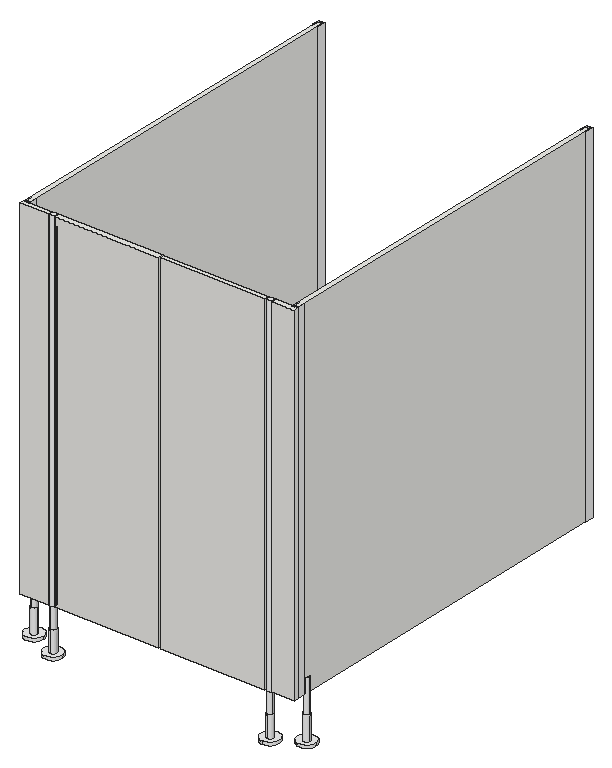
Revit family "Alsanit - Kabiny sanitarne AQUARI - LPW Wahadłowe", category Doors, Revit 2020
Family settings
  Work Plane-Based = No
  Always vertical = Yes
  Cut with Voids When Loaded = No
  Shared = No
  Room Calculation Point = No
Parameters (values of type "18mm")
  Width = 0.00 mm  # constant formula
  Type Comments = "Kabiny sanitarne (ścianki giszetowe do WC)"
  Thickness = Grubość ścianki  # 18.00 mm
  Szerokość wewnętrzna modułu (min. 1000) [instance] = 1000.00 mm
  Szerokość wewnętrzna modułu [instance] = [Szerokość wewnętrzna modułu (min. 1000)]  # 1000.00 mm
  Szerokość drzwi (max. 1000 mm) [instance] = 800.00 mm
  Szczelina prawa 2 = 23.00 mm  # constant formula
  Szczelina prawa 1 = 26.00 mm  # constant formula
  Szczelina obok drzwi prawa [instance] = 26.00 mm  # constant formula
  Szczelina obok drzwi lewa [instance] = 23.00 mm  # constant formula
  Szczelina lewa 2 = 26.00 mm  # constant formula
  Szczelina lewa 1 = 23.00 mm  # constant formula
  Rough Width = 0.00 mm  # constant formula
  Rough Height = 0.00 mm  # constant formula
  Podcięcie na geberit - prawe [instance] = no
  Podcięcie na geberit - prawa wartość [instance] = if([Podcięcie na geberit - prawe], [Szerokość wewnętrzna modułu (min. 1000)] / 2 + 50.00 mm, 5.00 mm)  # 5.00 mm
  Podcięcie na geberit - odsunięcie poziome wartość [instance] = if([Podcięcie na geberit - odsunięcie poziome] = 0.00 mm, 5.00 mm, [Podcięcie na geberit - odsunięcie poziome])  # 5.00 mm
  Podcięcie na geberit - odsunięcie poziome [instance] = 0.00 mm
  Podcięcie na geberit - odsunięcie pionowe wartość [instance] = if([Podcięcie na geberit - odsunięcie pionowe] = 0.00 mm, 5.00 mm, [Podcięcie na geberit - odsunięcie pionowe])  # 5.00 mm
  Podcięcie na geberit - odsunięcie pionowe [instance] = 0.00 mm
  Podcięcie na geberit - lewe [instance] = no
  Podcięcie na geberit - lewa wartość [instance] = if([Podcięcie na geberit - lewe], [Szerokość wewnętrzna modułu (min. 1000)] / 2 + 50.00 mm, 5.00 mm)  # 5.00 mm
  Odsunięcie ścianki lewe kontrola [instance] = 91.00 mm
  Odległość nóżki prawa [instance] = Szczelina obok drzwi prawa / 2  # 13.00 mm
  Odległość nóżki lewa [instance] = Szczelina obok drzwi lewa / 2  # 11.50 mm
  Nóżka grubość 2 [instance] = 24.00 mm  # constant formula
  Nózka grubość stopka [instance] = 70.00 mm  # constant formula
  Nożka grubość 1 [instance] = 20.00 mm  # constant formula
  Noga prawa widoczność [instance] = not([Połączenie - prawa strona] = Prawa strona przy ścianie typ)  # yes
  Noga lewa widoczność [instance] = [Połączenie - lewa strona] = Lewa strona zamknięta typ  # yes
  Krótki opis = "Kabiny sanitarne ALSANIT posiadające oznaczenie CE zgodnie z parametrami systemu"
  Height = 0.00 mm  # constant formula
  Function = Interior
  Film Instruktażowy = "https://youtu.be/qyrI1CfgFO4"
  Define Thermal Properties by = Schematic Type
  Construction Type = "Kabiny sanitarne"
  Analytic Construction = "<None>"
  Akcesoria - wzmocnienie pionowe prawe [instance] = [Odsunięcie prawej ścianki od osi (min. 60 mm)] > 399.00 mm  # no
  Akcesoria - wzmocnienie pionowe lewe [instance] = ([Szerokość wewnętrzna modułu (min. 1000)] - [Szerokość drzwi (max. 1000 mm)] - [Odsunięcie prawej ścianki od osi (min. 60 mm)]) > 400.00 mm  # no
  Wysokość ścianki łączącej [instance] = 1500.00 mm  # constant formula
  Szerokość zewnętrzna modułu [instance] = 1042.00 mm
  Szerokość obliczona [instance] = if(and(Lewa strona przy ścianie, Prawa strona przy ścianie), [Szerokość wewnętrzna modułu (min. 1000)] - 2 * (Grubość ścianki + 7.00 mm), if(or(Lewa strona przy ścianie, Prawa strona przy ścianie), [Szerokość wewnętrzna modułu (min. 1000)] - Grubość ścianki - 7.00 mm, [Szerokość wewnętrzna modułu (min. 1000)]))  # 1000.00 mm
  Odsunięcie górne ścianek frontowych [instance] = 0.00 mm  # constant formula
  Wysokość szczeliny drzwi [instance] = 170.00 mm  # constant formula
  Odsunięcie profili w ściance łączącej [instance] = 0.00 mm  # constant formula
  Wysokość modułu [instance] = 1500.00 mm  # constant formula
  Wysokość dolnej szczeliny [instance] = 170.00 mm  # constant formula
  URL = "https://www.alsanit.pl/"
  Rodzaj płyt = "LPW - Laminowana płyta wiórowa"
  Prawe odsunięcie belki dolnej [instance] = if(Prawa strona przy ścianie, 30.00 mm, 0.00 mm)  # 0.00 mm
  Prawa strona niepołączona [instance] = not(Prawa strona połączona)  # yes
  Model = "AQUARI"
  Manufacturer = "Alsanit"
  Lewe odsunięcie belki dolnej [instance] = if(Lewa strona przy ścianie, 30.00 mm, 0.00 mm)  # 0.00 mm
  Lewa strona niepołączona [instance] = not(Lewa strona połączona)  # yes
  Głębokość modułu (min. 1150mm - max. 1600 mm) [instance] = 1400.00 mm
  Głębokość modułu [instance] = if([Głębokość modułu (min. 1150mm - max. 1600 mm)] > 1600.00 mm, 1600.00 mm, [Głębokość modułu (min. 1150mm - max. 1600 mm)])  # 1400.00 mm
  Description = "Kabiny sanitarne to idealna kombinacja trwałości i estetyki w najnowszej cenie. Ze względu na estetyczność zastosowań jest najchętniej kupowanym systemem kabin sanitarnych w Polsce."
  Autor = "www.archispace.pl"
  Wysokość zawiasów [instance] = 1500.00 mm  # constant formula
  Ścianka łącząca [instance] = not(Prawa strona przy ścianie)  # yes
  Szerokość drzwi [instance] = if([Szerokość drzwi (max. 1000 mm)] > 1000.00 mm, 1000.00 mm, [Szerokość drzwi (max. 1000 mm)])  # 800.00 mm
  Prawe odsunięcie osi [instance] = if(Prawa strona zamknięta, Grubość ścianki / 2 + 3.00 mm, if(Prawa strona przy ścianie, Grubość ścianki / 2 + 7.00 mm, 0.00 mm))  # 12.00 mm
  Prawa strona zamknięta typ = Rodzaj połączenia : Zamknięta
  Prawa strona zamknięta [instance] = [Połączenie - prawa strona] = Prawa strona zamknięta typ  # yes
  Prawa strona przy ścianie typ = Rodzaj połączenia : Przy ścianie
  Prawa strona przy ścianie [instance] = [Połączenie - prawa strona] = Prawa strona przy ścianie typ  # no
  Prawa strona połączona typ = Rodzaj połączenia : Połączona
  Prawa strona połączona [instance] = [Połączenie - prawa strona] = Prawa strona połączona typ  # no
  Prawe odsunięcie osi panelu [instance] = if(Prawa strona przy ścianie, 10.00 mm, 0.00 mm)  # 0.00 mm
  Odsunięcie prawej ścianki od osi (min. 60 mm) [instance] = 100.00 mm
  Połączenie - prawa strona [instance] = Rodzaj połączenia : Zamknięta
  Materiał płyt = Alsanit - LPW - Biały 9016
  Materiał okuć = Alsanit - Aluminium
  Materiał wsporników = Alsanit - Aluminium
  Materiał belek = Alsanit - Aluminium
  Lewe odsunięcie osi panelu [instance] = if(Lewa strona przy ścianie, 10.00 mm, 0.00 mm)  # 0.00 mm
  Lewe odsunięcie osi [instance] = if(Lewa strona zamknięta, Grubość ścianki / 2 + 3.00 mm, if(Lewa strona przy ścianie, Grubość ścianki / 2 + 7.00 mm, 0.00 mm))  # 12.00 mm
  Lewa strona zamknięta typ = Rodzaj połączenia : Zamknięta
  Lewa strona zamknięta [instance] = [Połączenie - lewa strona] = Lewa strona zamknięta typ  # yes
  Lewa strona przy ścianie typ = Rodzaj połączenia : Przy ścianie
  Lewa strona przy ścianie [instance] = [Połączenie - lewa strona] = Lewa strona przy ścianie typ  # no
  Lewa strona połączona typ = Rodzaj połączenia : Połączona
  Lewa strona połączona [instance] = [Połączenie - lewa strona] = Lewa strona połączona typ  # no
  Odsunięcie lewej ścianki od osi (min. 60 mm) [instance] = 91.00 mm
  Połączenie - lewa strona [instance] = Rodzaj połączenia : Zamknięta
  Grubość ścianki = 18.00 mm
  Default Elevation = 0.00 mm
Reference planes
  plane 1 "Center (Front/Back)": y = 0
  plane 2: z = 0
  plane 3 "Center (Left/Right)": x = 0
  plane 4: x = -500
  plane 5: x = 500
  plane 6: x = 509
  plane 7: x = 518
  plane 8: x = -509
  plane 9: x = -518
  plane 10: y = -1400
  plane 11: y = -1418
  plane 12: y = -10
  plane 13: y = -1394
  plane 14: y = -1409
  plane 15 "Lewa oś wstawienia": x = -521
  plane 16 "Prawa oś wstawienia": x = 521
  plane 17: y = -1334.5
  plane 18: x = 435
  plane 19: x = 409
  plane 20: x = -391
  plane 21: x = -414
  plane 22 "Prawe odsunięcie osi panelu": x = 521
  plane 23 "Lewe odsunięcie osi panelu": x = -521
  plane 24: x = 9
  plane 25: z = 170
  plane 26 "Wysokość modułu": z = 1500
  plane 27 "Odsunięcie górne ścianek frontowych": z = 1500
  plane 28: y = -1398.5
  plane 29: x = -521
  plane 30: x = 521
  plane 31: z = 100
  plane 32: z = 225.5
  plane 33: z = 1470
  plane 34: z = 170
  plane 35: x = -521
  plane 36: x = 521
  plane 37: z = 170
  plane 38: z = 1500
  plane 39: z = 1470
  plane 40: z = 1470
  plane 41: z = 1500
  plane 42: z = 1500
  plane 43: z = 1470
  plane 44: x = 610
  plane 45: x = -596
  plane 46: z = 1505
  plane 47: z = 1500
  plane 48: z = 1500
  plane 49: z = 1500
  plane 50: z = 1500
  plane 51: z = 1500
  plane 52: x = -605
  plane 53: x = -587
  plane 54: x = 601
  plane 55: x = 619
  plane 56: x = -5
  plane 57: x = 5
  plane 58: z = 5
  plane 59: y = -5
  plane 60: z = 5
  plane 61: y = -5
  plane 62: y = -1355
  plane 63: z = 10
  plane 64: z = 10
Forms (mm)
  Sweep 1, solid, material "Alsanit - LPW - Biały 9016" <- "Materiał płyt", visible <- "Ścianka łącząca"
    path origin (0, 0, 0) x (1, 0, 0) y (0, 0, 1)
      loop
        line (509, 170) -> (509, 1500)
    profile origin (509, 0, 835) x (-1, 0, 0) y (0, -1, 0)
      loop
        line (9, 10) -> (9, 1394) -> (-9, 1394) -> (-9, 10) -> (9, 10)
  Sweep 2, solid, material "Alsanit - LPW - Biały 9016" <- "Materiał płyt", visible <- "Lewa strona zamknięta"
    path origin (0, 0, 0) x (-1, 0, 0) y (0, 0, 1)
      loop
        line (509, 170) -> (509, 1500)
    profile origin (-509, 0, 835) x (-1, 0, 0) y (0, -1, 0)
      loop
        line (-9, 10) -> (9, 10) -> (9, 1394) -> (-9, 1394) -> (-9, 10)
  Sweep 3, solid, material "Alsanit - Aluminium" <- "Materiał belek", visible <- "Ścianka łącząca", detail levels medium+fine
    path origin (0, 0, 0) x (1, 0, 0) y (0, 0, 1)
      loop
        line (509, 1500) -> (509, 170)
    profile "U-profile : U-profile" origin (509, 0, 835) x (1, 0, 0) y (0, -1, 0)
      loop
        line (10.5, 0) -> (10.5, 30) -> (9, 30) -> (9, 1.5) -> (-9, 1.5) -> (-9, 30) -> (-10.5, 30) -> (-10.5, 0) -> (10.5, 0)
  Sweep 4, solid, material "Alsanit - Aluminium" <- "Materiał belek", visible <- "Lewa strona zamknięta", detail levels medium+fine
    path origin (0, 0, 0) x (-1, 0, 0) y (0, 0, 1)
      loop
        line (509, 1500) -> (509, 170)
    profile "U-profile : U-profile" origin (-509, 0, 835) x (1, 0, 0) y (0, -1, 0)
      loop
        line (10.5, 0) -> (10.5, 30) -> (9, 30) -> (9, 1.5) -> (-9, 1.5) -> (-9, 30) -> (-10.5, 30) -> (-10.5, 0) -> (10.5, 0)
  Sweep 5, solid, material "Alsanit - Aluminium" <- "Materiał belek", visible <- "Lewa strona zamknięta", detail levels medium+fine
    path origin (673.537, -1400, 1200) x (1, 0, 0) y (0, 0, 1)
      loop
        line (-1182.537, 300) -> (-1182.537, -1030)
    profile "U-profile : U-profile" origin (-509, -1400, 835) x (1, 0, 0) y (0, -1, 0)
      loop
        line (-10.5, 0) -> (-10.5, -30) -> (-9, -30) -> (-9, -1.5) -> (9, -1.5) -> (9, -30) -> (10.5, -30) -> (10.5, 0) -> (-10.5, 0)
  Sweep 6, solid, material "Alsanit - Aluminium" <- "Materiał belek", visible <- "Ścianka łącząca", detail levels medium+fine
    path origin (673.537, -1400, 1200) x (1, 0, 0) y (0, 0, 1)
      loop
        line (-164.537, 300) -> (-164.537, -1030)
    profile "U-profile : U-profile" origin (509, -1400, 835) x (1, 0, 0) y (0, -1, 0)
      loop
        line (-10.5, 0) -> (-10.5, -30) -> (-9, -30) -> (-9, -1.5) -> (9, -1.5) -> (9, -30) -> (10.5, -30) -> (10.5, 0) -> (-10.5, 0)
  Extrusion 7, solid, material "Alsanit - LPW - Biały 9016" <- "Materiał płyt", detail levels medium+fine
    sketch origin (0, 0, 0) x (1, 0, 0) y (0, 1, 0)
      loop
        line (-521, -1400) -> (-521, -1418) -> (-414, -1418) -> (-414, -1400) -> (-521, -1400)
    from 170 to 1500
  Extrusion 8, solid, material "Alsanit - LPW - Biały 9016" <- "Materiał płyt", detail levels medium+fine
    sketch origin (0, 0, 0) x (-1, 0, 0) y (0, -1, 0)
      loop
        line (-521, 1400) -> (-435, 1400) -> (-435, 1418) -> (-521, 1418) -> (-521, 1400)
    from 170 to 1500
  Sweep 9, solid, material "Alsanit - Aluminium" <- "Materiał belek", visible <- "Lewa strona przy ścianie", detail levels medium+fine
    path origin (-771.956, -1409, 1200) x (-1, 0, 0) y (0, 0, 1)
      loop
        line (-250.956, -1030) -> (-250.956, 270)
    profile "U-profile : U-profile" origin (-521, -1409, 820) x (1, 0, 0) y (0, 1, 0)
      loop
        line (0, -10.5) -> (30, -10.5) -> (30, -9) -> (1.5, -9) -> (1.5, 9) -> (30, 9) -> (30, 10.5) -> (0, 10.5) -> (0, -10.5)
  Sweep 10, solid, material "Alsanit - Aluminium" <- "Materiał belek", visible <- "Prawa strona przy ścianie", detail levels medium+fine
    path origin (771.956, -1409, 1200) x (1, 0, 0) y (0, 0, -1)
      loop
        line (-250.956, 1030) -> (-250.956, -270)
    profile "U-profile : U-profile" origin (521, -1409, 820) x (1, 0, 0) y (0, 1, 0)
      loop
        line (0, 10.5) -> (-30, 10.5) -> (-30, 9) -> (-1.5, 9) -> (-1.5, -9) -> (-30, -9) -> (-30, -10.5) -> (0, -10.5) -> (0, 10.5)
  Extrusion 11, solid, material "Alsanit - LPW - Biały 9016" <- "Materiał płyt", detail levels coarse
    sketch origin (0, 0, 0) x (1, 0, 0) y (0, 1, 0)
      loop
        line (-521, -1400) -> (-521, -1418) -> (521, -1418) -> (521, -1400) -> (-521, -1400)
    from 170 to 1500
  Sweep 12, solid, material "Alsanit - Aluminium" <- "Materiał belek", not visible, detail levels medium+fine
    path origin (-998.294, -1524, 1500) x (-1, 0, 0) y (0, -1, 0)
      loop
        line (-489.294, -1524) -> (-489.294, -125.5)
    profile "U-profile : U-profile" origin (-509, -699.25, 1500) x (1, 0, 0) y (0, 0, 1)
      loop
        line (-10.5, 0) -> (-10.5, -30) -> (-9, -30) -> (-9, -1.5) -> (9, -1.5) -> (9, -30) -> (10.5, -30) -> (10.5, 0) -> (-10.5, 0)
  Sweep 13, solid, material "Alsanit - Aluminium" <- "Materiał belek", not visible, detail levels medium+fine
    path origin (-998.294, -1524, 1500) x (-1, 0, 0) y (0, -1, 0)
      loop
        line (-1507.294, -1524) -> (-1507.294, -125.5)
    profile "U-profile : U-profile" origin (509, -699.25, 1500) x (1, 0, 0) y (0, 0, 1)
      loop
        line (-10.5, 0) -> (-10.5, -30) -> (-9, -30) -> (-9, -1.5) -> (9, -1.5) -> (9, -30) -> (10.5, -30) -> (10.5, 0) -> (-10.5, 0)
  Sweep 14, solid, material "Alsanit - Aluminium" <- "Materiał belek", not visible, detail levels medium+fine
    path origin (-771.956, -1409, 4200) x (-1, 0, 0) y (0, 0, 1)
      loop
        line (-250.956, -2700) -> (-1292.956, -2700)
    profile "U-profile : U-profile" origin (0, -1409, 1500) x (0, 0, -1) y (0, 1, 0)
      loop
        line (0, -10.5) -> (30, -10.5) -> (30, -9) -> (1.5, -9) -> (1.5, 9) -> (30, 9) -> (30, 10.5) -> (0, 10.5) -> (0, -10.5)
  Sweep 15, solid, material "Alsanit - Aluminium" <- "Materiał belek", not visible, detail levels medium+fine
    path origin (-771.956, -1409, 1200) x (-1, 0, 0) y (0, 0, 1)
      loop
        line (-250.956, 300) -> (-1292.956, 300)
    profile "U-profile : U-profile" origin (0, -1409, 1500) x (0, 0, -1) y (0, 1, 0)
      loop
        line (0, -10.5) -> (30, -10.5) -> (30, -9) -> (1.5, -9) -> (1.5, 9) -> (30, 9) -> (30, 10.5) -> (0, 10.5) -> (0, -10.5)
  Sweep 16, solid, material "Alsanit - LPW - Biały 9016" <- "Materiał płyt", visible <- "Akcesoria - wzmocnienie pionowe prawe", detail levels medium+fine
    path origin (-771.956, -1409, 1200) x (-1, 0, 0) y (0, 0, 1)
      loop
        line (-1381.956, -1030) -> (-1381.956, 300)
    profile origin (610, -1409, 835) x (1, 0, 0) y (0, 1, 0)
      loop
        line (-9, 15) -> (9, 15) -> (9, 110) -> (-9, 110) -> (-9, 15)
  Sweep 17, solid, material "Alsanit - Aluminium" <- "Materiał belek", visible <- "Akcesoria - wzmocnienie pionowe prawe", detail levels medium+fine
    path origin (673.537, -1400, 1200) x (1, 0, 0) y (0, 0, 1)
      loop
        line (-63.537, -1030) -> (-63.537, 300)
    profile "U-profile : U-profile" origin (610, -1400, 835) x (-1, 0, 0) y (0, -1, 0)
      loop
        line (-10.5, 0) -> (-10.5, -30) -> (-9, -30) -> (-9, -1.5) -> (9, -1.5) -> (9, -30) -> (10.5, -30) -> (10.5, 0) -> (-10.5, 0)
  Sweep 18, solid, material "Alsanit - LPW - Biały 9016" <- "Materiał płyt", visible <- "Akcesoria - wzmocnienie pionowe lewe", detail levels medium+fine
    path origin (1162.956, -1409, 1200) x (1, 0, 0) y (0, 0, -1)
      loop
        line (-1758.956, 1030) -> (-1758.956, -300)
    profile origin (-596, -1409, 835) x (1, 0, 0) y (0, 1, 0)
      loop
        line (9, 15) -> (9, 110) -> (-9, 110) -> (-9, 15) -> (9, 15)
  Sweep 19, solid, material "Alsanit - Aluminium" <- "Materiał belek", visible <- "Akcesoria - wzmocnienie pionowe lewe", detail levels medium+fine
    path origin (673.537, -1400, 1200) x (1, 0, 0) y (0, 0, 1)
      loop
        line (-1269.537, -1030) -> (-1269.537, 300)
    profile "U-profile : U-profile" origin (-596, -1400, 835) x (-1, 0, 0) y (0, -1, 0)
      loop
        line (10.5, 0) -> (-10.5, 0) -> (-10.5, -30) -> (-9, -30) -> (-9, -1.5) -> (9, -1.5) -> (9, -30) -> (10.5, -30) -> (10.5, 0)
  Sweep 20, solid, material "Alsanit - LPW - Biały 9016" <- "Materiał płyt", not visible
    path origin (0, 0, 0) x (1, 0, 0) y (0, 1, 0)
      loop
        line (-391, -1409) -> (409, -1409)
    profile origin (9, -1409, 0) x (0, 1, 0) y (0, 0, 1)
      loop
        line (9, 1500) -> (9, 1505) -> (-9, 1505) -> (-9, 1500) -> (9, 1500)
  Sweep 21, void
    path origin (0, 0, 0) x (1, 0, 0) y (0, 1, 0)
      loop
        line (0, 0) -> (-5, 0)
    profile origin (-2.5, 0, 0) x (0, -1, 0) y (0, 0, 1)
      loop
        line (0, 5) -> (0, 0) -> (5, 0) -> (5, 5) -> (0, 5)
  Sweep 22, void
    path origin (0, 0, 0) x (-1, 0, 0) y (0, -1, 0)
      loop
        line (0, 0) -> (-5, 0)
    profile origin (2.5, 0, 0) x (0, 1, 0) y (0, 0, 1)
      loop
        line (0, 5) -> (-5, 5) -> (-5, 0) -> (0, 0) -> (0, 5)
  Sweep 23, solid, material "Alsanit - Aluminium" <- "Materiał wsporników", visible <- "Lewa strona zamknięta"
    path origin (-771.956, -1409, 1200) x (-1, 0, 0) y (0, 0, 1)
      loop
        line (-262.956, -974.5) -> (-262.956, -1100)
    profile origin (-509, -1409, 162.75) x (0, 1, 0) y (-1, 0, 0)
      loop
        circle (54, 9) r 10
  Sweep 24, solid, material "Alsanit - Aluminium" <- "Materiał wsporników", visible <- "Lewa strona zamknięta"
    path origin (-771.956, -1405, 1200) x (-1, 0, 0) y (0, 0, 1)
      loop
        line (-262.956, -1190) -> (-262.956, -1100)
    profile origin (-509, -1405, 55) x (1, 0, 0) y (0, 1, 0)
      loop
        circle (-9, 50) r 12
  Sweep 25, solid, material "Alsanit - Aluminium" <- "Materiał wsporników", visible <- "Lewa strona zamknięta"
    path origin (-771.956, -1409, 1200) x (-1, 0, 0) y (0, 0, 1)
      loop
        line (-262.956, -1200) -> (-262.956, -1190)
    profile origin (-509, -1409, 5) x (1, 0, 0) y (0, 1, 0)
      loop
        circle (-9, 54) r 35
  Sweep 26, solid, material "Alsanit - Aluminium" <- "Materiał wsporników", visible <- "Prawa strona zamknięta"
    path origin (-771.956, -1409, 1200) x (-1, 0, 0) y (0, 0, 1)
      loop
        line (-1280.956, -1100) -> (-1280.956, -974.5)
    profile origin (509, -1409, 162.75) x (1, 0, 0) y (0, 1, 0)
      loop
        circle (9, 54) r 10
  Sweep 27, solid, material "Alsanit - Aluminium" <- "Materiał wsporników", visible <- "Prawa strona zamknięta"
    path origin (-771.956, -1409, 1200) x (-1, 0, 0) y (0, 0, 1)
      loop
        line (-1280.956, -1190) -> (-1280.956, -1100)
    profile origin (509, -1409, 55) x (1, 0, 0) y (0, 1, 0)
      loop
        circle (9, 54) r 12
  Sweep 28, solid, material "Alsanit - Aluminium" <- "Materiał wsporników", visible <- "Prawa strona zamknięta"
    path origin (-771.956, -1409, 1200) x (-1, 0, 0) y (0, 0, 1)
      loop
        line (-1280.956, -1200) -> (-1280.956, -1190)
    profile origin (509, -1409, 5) x (1, 0, 0) y (0, 1, 0)
      loop
        circle (9, 54) r 35
  Sweep 29, solid, material "Alsanit - Aluminium" <- "Materiał wsporników", visible <- "Akcesoria - wzmocnienie pionowe lewe"
    path origin (-771.956, -1409, 1200) x (-1, 0, 0) y (0, 0, 1)
      loop
        line (-175.956, -1030) -> (-175.956, -1100)
    profile origin (-596, -1409, 135) x (0, 1, 0) y (-1, 0, 0)
      loop
        circle (54, 0) r 10
  Sweep 30, solid, material "Alsanit - Aluminium" <- "Materiał wsporników", visible <- "Akcesoria - wzmocnienie pionowe lewe"
    path origin (-771.956, -1409, 1200) x (-1, 0, 0) y (0, 0, 1)
      loop
        line (-175.956, -1190) -> (-175.956, -1100)
    profile origin (-596, -1409, 55) x (1, 0, 0) y (0, 1, 0)
      loop
        circle (0, 54) r 12
  Sweep 31, solid, material "Alsanit - Aluminium" <- "Materiał wsporników", visible <- "Akcesoria - wzmocnienie pionowe lewe"
    path origin (-771.956, -1409, 1200) x (-1, 0, 0) y (0, 0, 1)
      loop
        line (-175.956, -1200) -> (-175.956, -1190)
    profile origin (-596, -1409, 5) x (1, 0, 0) y (0, 1, 0)
      loop
        circle (0, 54) r 35
  Sweep 32, solid, material "Alsanit - Aluminium" <- "Materiał wsporników", visible <- "Akcesoria - wzmocnienie pionowe prawe"
    path origin (-771.956, -1409, 1200) x (-1, 0, 0) y (0, 0, 1)
      loop
        line (-1381.956, -1100) -> (-1381.956, -1030)
    profile origin (610, -1409, 135) x (1, 0, 0) y (0, 1, 0)
      loop
        circle (0, 54) r 10
  Sweep 33, solid, material "Alsanit - Aluminium" <- "Materiał wsporników", visible <- "Akcesoria - wzmocnienie pionowe prawe"
    path origin (-771.956, -1409, 1200) x (-1, 0, 0) y (0, 0, 1)
      loop
        line (-1381.956, -1100) -> (-1381.956, -1190)
    profile origin (610, -1409, 55) x (0, 1, 0) y (-1, 0, 0)
      loop
        circle (54, 0) r 12
  Sweep 34, solid, material "Alsanit - Aluminium" <- "Materiał wsporników", visible <- "Akcesoria - wzmocnienie pionowe prawe"
    path origin (-771.956, -1409, 1200) x (-1, 0, 0) y (0, 0, 1)
      loop
        line (-1381.956, -1200) -> (-1381.956, -1190)
    profile origin (610, -1409, 5) x (1, 0, 0) y (0, 1, 0)
      loop
        circle (0, 54) r 35
Cuts and joins
  Sweep 21 cuts Sweep 4
  Sweep 21 cuts Sweep 2
  Sweep 22 cuts Sweep 1
  Sweep 22 cuts Sweep 3
  joined: Sweep 23, Sweep 24, Sweep 25
  joined: Sweep 26, Sweep 27, Sweep 28
Lines and regions (mm)
  model lines, style "Doors", detail levels medium+fine
    curve 1: line (435, -1418, 1500) -> (435, -1418, 170)
    curve 3: line (521, -1418, 1500) -> (435, -1418, 1500)
    curve 6: line (-414, -1418, 170) -> (-414, -1418, 1500)
    curve 7: line (-414, -1418, 1500) -> (-521, -1418, 1500)
    curve 10: line (-414, -1400, 170) -> (-414, -1418, 170)
    curve 11: line (435, -1400, 170) -> (435, -1418, 170)
    curve 14: line (-414, -1400, 1500) -> (-414, -1418, 1500)
    curve 15: line (435, -1400, 1500) -> (435, -1418, 1500)
    curve 17: line (435, -1400, 1500) -> (435, -1400, 170)
    curve 19: line (521, -1400, 1500) -> (435, -1400, 1500)
    curve 20: line (435, -1400, 170) -> (521, -1400, 170)
    curve 22: line (-414, -1400, 170) -> (-414, -1400, 1500)
    curve 23: line (-414, -1400, 1500) -> (-521, -1400, 1500)
    curve 24: line (-521, -1400, 170) -> (-414, -1400, 170)
  model lines, style "Doors", visible <- "Prawa strona niepołączona", detail levels medium+fine
    curve 2: line (521, -1418, 170) -> (521, -1418, 1500)
    curve 12: line (521, -1400, 170) -> (521, -1418, 170)
    curve 16: line (521, -1400, 1500) -> (521, -1418, 1500)
    curve 18: line (521, -1400, 170) -> (521, -1400, 1500)
  model lines, style "Doors"
    curve 4: line (435, -1418, 170) -> (521, -1418, 170)
    curve 8: line (-521, -1418, 170) -> (-414, -1418, 170)
  model lines, style "Doors", visible <- "Lewa strona niepołączona", detail levels medium+fine
    curve 5: line (-521, -1418, 1500) -> (-521, -1418, 170)
    curve 9: line (-521, -1400, 170) -> (-521, -1418, 170)
    curve 13: line (-521, -1400, 1500) -> (-521, -1418, 1500)
    curve 21: line (-521, -1400, 1500) -> (-521, -1400, 170)
Dimensions and locks
  equal spacing: plane 5, plane 6, plane 7
  "Grubość ścianki": plane 5 to plane 7
  equal spacing: plane 9, plane 8, plane 4
  "Grubość ścianki": plane 9 to plane 4
  "Głębokość modułu": plane 10 to plane 1 "Center (Front/Back)"
  "Grubość ścianki": plane 11 to plane 10
  locked: plane 12 to plane 1 "Center (Front/Back)" at 10
  locked: plane 10 to plane 13 at 6
  equal spacing: plane 10, plane 14, plane 11
  equal spacing: plane 4, plane 3 "Center (Left/Right)", plane 5
  "Szerokość obliczona": plane 4 to plane 5
  "Lewe odsunięcie osi": plane 15 "Lewa oś wstawienia" to plane 8
  "Prawe odsunięcie osi": plane 6 to plane 16 "Prawa oś wstawienia"
  locked: plane 10 to plane 17 at 65.5
  "Szerokość drzwi": plane 20 to plane 19
  equal spacing: plane 20, plane 24, plane 19
  "Wysokość modułu": plane 26 "Wysokość modułu" to plane 2
  locked: plane 10 to plane 28 at 1.5
  "Wysokość dolnej szczeliny": plane 25 to level
  locked: plane 31 to plane 2 at 100
  plane 15 "Lewa oś wstawienia" to plane 29 = 0.00 mm
  plane 30 to plane 16 "Prawa oś wstawienia" = 0.00 mm
  locked: plane 32 to plane 25 at 55.5
  locked: plane 26 "Wysokość modułu" to plane 33 at 30
  "Lewe odsunięcie osi panelu": plane 15 "Lewa oś wstawienia" to plane 23 "Lewe odsunięcie osi panelu"
  "Prawe odsunięcie osi panelu": plane 22 "Prawe odsunięcie osi panelu" to plane 16 "Prawa oś wstawienia"
  plane 34 to plane 25 = 0.00 mm
  "Lewe odsunięcie belki dolnej": plane 15 "Lewa oś wstawienia" to plane 35
  "Prawe odsunięcie belki dolnej": plane 36 to plane 16 "Prawa oś wstawienia"
  plane 37 to plane 2 = 170.00 mm
  "Wysokość ścianki łączącej": plane 38 to level
  plane 26 "Wysokość modułu" to plane 39 = 30.00 mm
  plane 26 "Wysokość modułu" to plane 40 = 30.00 mm
  "Odsunięcie górne ścianek frontowych": plane 26 "Wysokość modułu" to plane 27 "Odsunięcie górne ścianek frontowych"
  "Odsunięcie profili w ściance łączącej": plane 38 to plane 41
  "Odsunięcie profili w ściance łączącej": plane 38 to plane 42
  plane 26 "Wysokość modułu" to plane 43 = 30.00 mm
  "Szerokość zewnętrzna modułu": plane 15 "Lewa oś wstawienia" to plane 16 "Prawa oś wstawienia"
  "Wysokość zawiasów": plane 47 to level
  locked: plane 46 to plane 47 at 5
  plane 50 to level = 1500.00 mm
  plane 51 to level = 1500.00 mm
  equal spacing: plane 52, plane 45, plane 53
  "Grubość ścianki": plane 52 to plane 53
  equal spacing: plane 54, plane 44, plane 55
  "Grubość ścianki": plane 54 to plane 55
  "Podcięcie na geberit - lewa wartość": plane 56 to plane 3 "Center (Left/Right)"
  "Podcięcie na geberit - prawa wartość": plane 3 "Center (Left/Right)" to plane 57
  "Podcięcie na geberit - odsunięcie poziome wartość": plane 1 "Center (Front/Back)" to plane 59
  "Podcięcie na geberit - odsunięcie pionowe wartość": plane 58 to level
  "Podcięcie na geberit - odsunięcie pionowe wartość": plane 60 to level
  "Podcięcie na geberit - odsunięcie poziome wartość": plane 1 "Center (Front/Back)" to plane 61
  locked: plane 10 to plane 62 at 45
  equal spacing: Sweep 23 sketch curve, plane 62, Sweep 23 sketch curve
  equal spacing: Sweep 24 sketch curve, plane 62, Sweep 24 sketch curve
  Sweep 24 sketch curve to plane 4 = 6.00 mm
  equal spacing: Sweep 25 sketch curve, plane 62, Sweep 25 sketch curve
  equal spacing: Sweep 26 sketch curve, plane 62, Sweep 26 sketch curve
  equal spacing: Sweep 27 sketch curve, plane 62, Sweep 27 sketch curve
  equal spacing: Sweep 28 sketch curve, plane 62, Sweep 28 sketch curve
  "Szczelina obok drzwi lewa": plane 21 to plane 20
  "Szczelina obok drzwi prawa": plane 19 to plane 18
  "Odsunięcie prawej ścianki od osi (min. 60 mm)": plane 19 to plane 6
  plane 20 to plane 8 = 118.00 mm
  locked: plane 19 to plane 44 at 201
  locked: plane 45 to plane 20 at 205
  equal spacing: Sweep 23 sketch curve, plane 9, Sweep 23 sketch curve
  equal spacing: Sweep 24 sketch curve, plane 9, Sweep 24 sketch curve
  equal spacing: Sweep 25 sketch curve, plane 9, Sweep 25 sketch curve
  equal spacing: Sweep 26 sketch curve, plane 7, Sweep 26 sketch curve
  equal spacing: Sweep 27 sketch curve, plane 7, Sweep 27 sketch curve
  equal spacing: Sweep 28 sketch curve, plane 7, Sweep 28 sketch curve
  equal spacing: Sweep 29 sketch curve, plane 62, Sweep 29 sketch curve
  equal spacing: Sweep 29 sketch curve, plane 45, Sweep 29 sketch curve
  equal spacing: Sweep 30 sketch curve, plane 62, Sweep 30 sketch curve
  equal spacing: Sweep 30 sketch curve, plane 45, Sweep 30 sketch curve
  equal spacing: Sweep 31 sketch curve, plane 45, Sweep 31 sketch curve
  equal spacing: Sweep 31 sketch curve, plane 62, Sweep 31 sketch curve
  equal spacing: Sweep 32 sketch curve, plane 44, Sweep 32 sketch curve
  equal spacing: Sweep 32 sketch curve, plane 62, Sweep 32 sketch curve
  equal spacing: Sweep 33 sketch curve, plane 44, Sweep 33 sketch curve
  equal spacing: Sweep 33 sketch curve, plane 62, Sweep 33 sketch curve
  equal spacing: Sweep 34 sketch curve, plane 44, Sweep 34 sketch curve
  equal spacing: Sweep 34 sketch curve, plane 62, Sweep 34 sketch curve
  "Nożka grubość 1": diameter of Sweep 23 sketch curve
  "Nóżka grubość 2": diameter of Sweep 24 sketch curve
  "Nózka grubość stopka": diameter of Sweep 25 sketch curve
  "Nożka grubość 1": diameter of Sweep 26 sketch curve
  "Nóżka grubość 2": diameter of Sweep 27 sketch curve
  "Nózka grubość stopka": diameter of Sweep 28 sketch curve
  "Nożka grubość 1": diameter of Sweep 29 sketch curve
  "Nóżka grubość 2": diameter of Sweep 30 sketch curve
  "Nózka grubość stopka": diameter of Sweep 31 sketch curve
  "Nożka grubość 1": diameter of Sweep 32 sketch curve
  "Nóżka grubość 2": diameter of Sweep 33 sketch curve
  "Nózka grubość stopka": diameter of Sweep 34 sketch curve
  aligned and locked: level to plane 2
  aligned and locked: plane 5 to Sweep 1 sketch curve
  aligned and locked: Sweep 1 sketch curve to plane 7
  aligned and locked: Sweep 1 sketch curve to plane 13
  aligned and locked: plane 12 to Sweep 1 sketch curve
  aligned and locked: Sweep 2 sketch curve to plane 12
  aligned and locked: plane 9 to Sweep 2 sketch curve
  aligned and locked: plane 4 to Sweep 2 sketch curve
  aligned and locked: plane 13 to Sweep 2 sketch curve
  aligned and locked: plane 6 to Sweep 3 sketch curve
  aligned and locked: Sweep 4 sketch curve to plane 8
  aligned and locked: Sweep 1 sketch curve to plane 6
  aligned and locked: plane 8 to Sweep 2 sketch curve
  aligned and locked: Extrusion 7 sketch curve to plane 21
  aligned and locked: plane 11 to Extrusion 7 sketch curve
  aligned and locked: plane 10 to Extrusion 7 sketch curve
  aligned and locked: Extrusion 7 sketch curve to plane 23 "Lewe odsunięcie osi panelu"
  aligned and locked: Extrusion 8 sketch curve to plane 11
  aligned and locked: Extrusion 8 sketch curve to plane 10
  aligned and locked: plane 22 "Prawe odsunięcie osi panelu" to Extrusion 8 sketch curve
  aligned and locked: plane 10 to nested 1
  aligned and locked: nested 2 to nested 1
  aligned and locked: nested 2 to plane 10
  aligned and locked: nested 2 to level
  aligned and locked: level to nested 1
  aligned and locked: plane 10 to Extrusion 11 sketch curve
  aligned and locked: plane 11 to Extrusion 11 sketch curve
  aligned and locked: plane 15 "Lewa oś wstawienia" to Extrusion 11 sketch curve
  aligned and locked: Extrusion 11 sketch curve to plane 16 "Prawa oś wstawienia"
  aligned and locked: Extrusion 7 to plane 25
  aligned and locked: Extrusion 8 to plane 25
  aligned and locked: curve 4 to plane 25
  aligned and locked: plane 25 to curve 2
  aligned and locked: plane 22 "Prawe odsunięcie osi panelu" to curve 2
  aligned and locked: plane 22 "Prawe odsunięcie osi panelu" to curve 3
  aligned and locked: curve 8 to plane 25
  aligned and locked: plane 23 "Lewe odsunięcie osi panelu" to curve 5
  aligned and locked: plane 21 to curve 6
  aligned and locked: plane 11 to curve 9
  aligned and locked: plane 10 to curve 9
  aligned and locked: curve 10 to plane 21
  aligned and locked: plane 11 to curve 10
  aligned and locked: plane 10 to curve 10
  aligned and locked: curve 11 to plane 18
  aligned and locked: plane 10 to curve 11
  aligned and locked: plane 11 to curve 11
  aligned and locked: plane 10 to curve 12
  aligned and locked: plane 11 to curve 12
  aligned and locked: curve 12 to plane 22 "Prawe odsunięcie osi panelu"
  aligned and locked: plane 10 to curve 13
  aligned and locked: plane 11 to curve 13
  aligned and locked: plane 11 to curve 14
  aligned and locked: plane 10 to curve 14
  aligned and locked: curve 14 to plane 21
  aligned and locked: plane 11 to curve 15
  aligned and locked: plane 10 to curve 15
  aligned and locked: curve 15 to plane 18
  aligned and locked: plane 10 to curve 16
  aligned and locked: plane 11 to curve 16
  aligned and locked: curve 16 to plane 22 "Prawe odsunięcie osi panelu"
  aligned and locked: plane 23 "Lewe odsunięcie osi panelu" to curve 13
  aligned and locked: plane 23 "Lewe odsunięcie osi panelu" to curve 9
  aligned and locked: plane 16 "Prawa oś wstawienia" to Sweep 10 sketch curve
  aligned and locked: plane 15 "Lewa oś wstawienia" to Sweep 9 sketch curve
  aligned and locked: plane 6 to Sweep 6 sketch curve
  aligned and locked: Extrusion 7 to plane 27 "Odsunięcie górne ścianek frontowych"
  aligned and locked: Extrusion 8 to plane 27 "Odsunięcie górne ścianek frontowych"
  aligned and locked: curve 23 to plane 27 "Odsunięcie górne ścianek frontowych"
  aligned and locked: curve 7 to plane 27 "Odsunięcie górne ścianek frontowych"
  aligned and locked: curve 3 to plane 27 "Odsunięcie górne ścianek frontowych"
  aligned and locked: curve 19 to plane 27 "Odsunięcie górne ścianek frontowych"
  aligned and locked: plane 25 to Sweep 1 sketch curve
  aligned and locked: plane 25 to Sweep 2 sketch curve
  aligned and locked: plane 1 "Center (Front/Back)" to Sweep 12 sketch curve
  aligned and locked: Sweep 12 sketch curve to plane 8
  aligned and locked: plane 6 to Sweep 13 sketch curve
  aligned and locked: plane 1 "Center (Front/Back)" to Sweep 13 sketch curve
  aligned and locked: Sweep 14 sketch curve to plane 26 "Wysokość modułu"
  aligned and locked: plane 15 "Lewa oś wstawienia" to Sweep 14 sketch curve
  aligned and locked: plane 16 "Prawa oś wstawienia" to Sweep 14 sketch curve
  aligned and locked: plane 28 to Sweep 12 sketch curve
  aligned and locked: plane 28 to Sweep 13 sketch curve
  aligned and locked: Extrusion 11 to plane 25
  aligned and locked: Sweep 15 sketch curve to plane 26 "Wysokość modułu"
  aligned and locked: plane 16 "Prawa oś wstawienia" to Sweep 15 sketch curve
  aligned and locked: plane 15 "Lewa oś wstawienia" to Sweep 15 sketch curve
  aligned and locked: plane 23 "Lewe odsunięcie osi panelu" to curve 21
  aligned and locked: plane 22 "Prawe odsunięcie osi panelu" to curve 18
  aligned and locked: plane 34 to Sweep 5 sketch curve
  aligned and locked: plane 34 to Sweep 4 sketch curve
  aligned and locked: plane 34 to Sweep 3 sketch curve
  aligned and locked: plane 34 to Sweep 6 sketch curve
  aligned and locked: plane 37 to Sweep 9 sketch curve
  aligned and locked: Sweep 10 sketch curve to plane 37
  aligned and locked: plane 38 to Sweep 1 sketch curve
  aligned and locked: plane 39 to Sweep 9 sketch curve
  aligned and locked: plane 41 to Sweep 6 sketch curve
  aligned and locked: plane 42 to Sweep 3 sketch curve
  aligned and locked: plane 43 to Sweep 10 sketch curve
  aligned and locked: Sweep 16 sketch curve to plane 44
  aligned and locked: plane 45 to Sweep 18 sketch curve
  aligned and locked: plane 45 to Sweep 19 sketch curve
  aligned and locked: plane 20 to Sweep 20 sketch curve
  aligned and locked: plane 19 to Sweep 20 sketch curve
  aligned and locked: Sweep 20 sketch curve to plane 14
  aligned and locked: Sweep 20 sketch curve to curve 13
  aligned and locked: plane 11 to Sweep 20 sketch curve
  aligned and locked: plane 10 to Sweep 20 sketch curve
  aligned and locked: plane 46 to Sweep 20 sketch curve
  aligned and locked: plane 48 to Sweep 19 sketch curve
  aligned and locked: plane 50 to Sweep 17 sketch curve
  aligned and locked: plane 51 to Sweep 16 sketch curve
  aligned and locked: Sweep 18 sketch curve to plane 13
  aligned and locked: plane 13 to Sweep 16 sketch curve
  aligned and locked: plane 56 to Sweep 21 sketch curve
  aligned and locked: plane 3 "Center (Left/Right)" to Sweep 21 sketch curve
  aligned and locked: Sweep 21 sketch curve to plane 1 "Center (Front/Back)"
  aligned and locked: Sweep 21 sketch curve to plane 58
  aligned and locked: Sweep 21 sketch curve to plane 59
  aligned and locked: level to Sweep 21 sketch curve
  aligned and locked: plane 1 "Center (Front/Back)" to Sweep 21 sketch curve
  aligned and locked: Sweep 22 sketch curve to plane 60
  aligned and locked: plane 61 to Sweep 22 sketch curve
  aligned and locked: plane 3 "Center (Left/Right)" to Sweep 22 sketch curve
  aligned and locked: plane 57 to Sweep 22 sketch curve
  aligned and locked: plane 1 "Center (Front/Back)" to Sweep 22 sketch curve  (x2)
  aligned and locked: level to Sweep 22 sketch curve
  aligned and locked: plane 32 to Sweep 23 sketch curve
  aligned and locked: plane 31 to Sweep 23 sketch curve
  aligned and locked: plane 31 to Sweep 24 sketch curve
  aligned and locked: plane 63 to Sweep 24 sketch curve
  aligned and locked: plane 64 to Sweep 25 sketch curve
  aligned and locked: level to Sweep 25 sketch curve
  aligned and locked: plane 32 to Sweep 26 sketch curve
  aligned and locked: plane 31 to Sweep 26 sketch curve
  aligned and locked: plane 31 to Sweep 27 sketch curve
  aligned and locked: plane 64 to Sweep 27 sketch curve
  aligned and locked: plane 64 to Sweep 28 sketch curve
  aligned and locked: level to Sweep 28 sketch curve
  aligned and locked: plane 37 to Sweep 18 sketch curve
  aligned and locked: plane 38 to Sweep 2 sketch curve
  aligned and locked: plane 38 to Sweep 4 sketch curve
  aligned and locked: plane 38 to Sweep 5 sketch curve
  aligned and locked: plane 49 to Sweep 18 sketch curve
  aligned and locked: Extrusion 8 to plane 18
  aligned and locked: curve 1 to plane 18
  aligned and locked: curve 17 to plane 18
  aligned and locked: nested 1 to plane 24
  aligned and locked: plane 38 to Extrusion 11
  aligned and locked: plane 48 to plane 27 "Odsunięcie górne ścianek frontowych"
  aligned and locked: plane 49 to plane 27 "Odsunięcie górne ścianek frontowych"
  aligned and locked: plane 50 to plane 27 "Odsunięcie górne ścianek frontowych"
  aligned and locked: plane 51 to plane 27 "Odsunięcie górne ścianek frontowych"
  aligned and locked: plane 25 to Sweep 29 sketch curve
  aligned and locked: plane 31 to Sweep 29 sketch curve
  aligned and locked: Sweep 29 sketch curve to plane 45
  aligned and locked: plane 31 to Sweep 30 sketch curve
  aligned and locked: plane 64 to Sweep 30 sketch curve
  aligned and locked: plane 45 to Sweep 30 sketch curve
  aligned and locked: plane 64 to Sweep 31 sketch curve
  aligned and locked: level to Sweep 31 sketch curve
  aligned and locked: plane 45 to Sweep 31 sketch curve
  aligned and locked: plane 25 to Sweep 32 sketch curve
  aligned and locked: plane 31 to Sweep 32 sketch curve
  aligned and locked: Sweep 32 sketch curve to plane 44
  aligned and locked: plane 31 to Sweep 33 sketch curve
  aligned and locked: plane 64 to Sweep 33 sketch curve
  aligned and locked: plane 44 to Sweep 33 sketch curve
  aligned and locked: plane 64 to Sweep 34 sketch curve
  aligned and locked: level to Sweep 34 sketch curve
  aligned and locked: Sweep 34 sketch curve to plane 44
Automatic sketch dimensions
  curve 22 to plane 21 = 0.00 mm
  curve 24 to plane 25 = 0.00 mm
  curve 17 to plane 25 = 0.00 mm
  Sweep 5 sketch curve to plane 8 = 0.00 mm
  Sweep 16 sketch curve to plane 25 = 0.00 mm
  plane 44 to Sweep 17 sketch curve = 0.00 mm
  Sweep 17 sketch curve to plane 25 = 0.00 mm
  Sweep 23 sketch curve to plane 8 = 0.00 mm
  Sweep 24 sketch curve to plane 8 = 0.00 mm
  Sweep 25 sketch curve to plane 8 = 0.00 mm
  plane 6 to Sweep 26 sketch curve = 0.00 mm
  plane 6 to Sweep 27 sketch curve = 0.00 mm
  plane 6 to Sweep 28 sketch curve = 0.00 mm
  Extrusion 8 sketch curve to plane 18 = 0.00 mm
  Sweep 19 sketch curve to plane 25 = 0.00 mm
  Sweep 16 sketch curve to plane 54 = 0.00 mm
  Sweep 16 sketch curve to plane 55 = 0.00 mm
  Sweep 16 sketch curve to Sweep 16 sketch curve = 95.00 mm
  Sweep 18 sketch curve to plane 52 = 0.00 mm
  Sweep 18 sketch curve to plane 53 = 0.00 mm
  Sweep 18 sketch curve to Sweep 18 sketch curve = 95.00 mm
Nested families
  nested 1: "front wahadło" at (9, -1400, 0), Szerokość drzwi <- "Szerokość drzwi", Grubość ścianki <- "Grubość ścianki", Wysokość dolnej szczeliny <- "Wysokość szczeliny drzwi", Wysokość zawiasów <- "Wysokość modułu", type "front wahadło"
    with Zawias prawy szczelina 26.00 mm, Zawias lewy szczelina 23.00 mm, Wysokość zawiasów 1500.00 mm, Wysokość drzwi 1500.00 mm, Wysokość dolnej szczeliny 170.00 mm, Szerokość skrzydła 400.00 mm, Szerokość drzwi 800.00 mm, Obniżone drzwi (wysoki słupek) no, Grubość ścianki 18.00 mm
  nested 2: "front wahadło" at (9, -1400, 0) x (-1, 0, 0) z (0, 0, 1), Szerokość drzwi <- "Szerokość drzwi", Grubość ścianki <- "Grubość ścianki", Wysokość dolnej szczeliny <- "Wysokość szczeliny drzwi", Wysokość zawiasów <- "Wysokość zawiasów", type "front wahadło", not visible, detail levels medium+fine
    with Zawias prawy szczelina 26.00 mm, Zawias lewy szczelina 23.00 mm, Wysokość zawiasów 1500.00 mm, Wysokość drzwi 1500.00 mm, Wysokość dolnej szczeliny 170.00 mm, Szerokość skrzydła 400.00 mm, Szerokość drzwi 800.00 mm, Obniżone drzwi (wysoki słupek) no, Grubość ścianki 18.00 mm
Definition of nested family "front wahadło"
  Parameters (values of type "front wahadło")
    Średnica zawiasów = 20.00 mm
    Zawias prawy szczelina [instance] = 26.00 mm
    Zawias lewy szczelina [instance] = 23.00 mm
    Wysokość zawiasów [instance] = 1802.00 mm
    Wysokość drzwi [instance] = if([Obniżone drzwi (wysoki słupek)], 1500.00 mm, 1500.00 mm)  # 1500.00 mm
    Wysokość dolnej szczeliny [instance] = 188.00 mm
    Szerokość skrzydła [instance] = Szerokość drzwi / 2  # 450.00 mm
    Szerokość drzwi [instance] = 900.00 mm
    Obniżone drzwi (wysoki słupek) [instance] = yes
    Materiał płyt = none
    Materiał okuć = none
    Grubość ścianki [instance] = 10.00 mm
    Drzwi zewnętrzne = yes
    Drzwi wewnętrzne = no
    Default Elevation = 0.00 mm
  Reference planes
    plane 1 "Center (Front/Back)": y = 0
    plane 2: z = 0
    plane 3 "Center (Left/Right)": x = 0
    plane 4: y = -10
    plane 5: z = 188
    plane 6: z = 1500
    plane 7: x = 450
    plane 8: x = -450
    plane 9: x = 393
    plane 10: y = -17
    plane 11: y = 14
    plane 12: y = 5
    plane 13: z = 1110
    plane 14: z = 1416.75
    plane 15: z = 1323.25
    plane 16: y = -460
    plane 17: y = 450
    plane 18: y = -5
    plane 19: x = -473
    plane 20: x = 476
    plane 21: x = -461.5
    plane 22: x = 463
    plane 23: z = 10
    plane 24: z = 99
    plane 25: z = 1802
  Forms (mm)
    Sweep 1, solid, material <- "Materiał płyt", detail levels medium+fine
      path origin (500, 0, 0) x (-1, 0, 0) y (0, 0, 1)
        loop
          line (500, 188) -> (500, 1500)
      profile origin (0, 0, 844) x (-1, 0, 0) y (0, -1, 0)
        loop
          line (-450, 0) -> (-3, 0) -> (-3, 10) -> (-450, 10) -> (-450, 0)
        loop
          line (450, 10) -> (3, 10) -> (3, 0) -> (450, 0) -> (450, 10)
    Sweep 2, solid, material <- "Materiał okuć", detail levels medium+fine
      path origin (-5.26, 0, 0) x (1, 0, 0) y (0, 0, 1)
        loop
          line (-450, 188) -> (-450, 1802)
      profile origin (-455.26, 0, 995) x (-1, 0, 0) y (0, -1, 0)
        loop
          arc (14.9, 0) -> (6.24, 15) -> (-2.42, 0) r 10
          arc (-2.42, 0) -> (6.24, -5) -> (14.9, 0) r 10
    Sweep 3, solid, material <- "Materiał okuć"
      path origin (0, 0, 0) x (1, 0, 0) y (0, 0, 1)
        loop
          line (-461.5, 188) -> (-461.5, 99)
      profile origin (-461.5, 0, 143.5) x (0, -1, 0) y (1, 0, 0)
        loop
          circle (5, 0) r 10
    Sweep 4, solid, material <- "Materiał okuć"
      path origin (0, 0, 0) x (1, 0, 0) y (0, 0, 1)
        loop
          line (463, 99) -> (463, 188)
      profile origin (463, 0, 143.5) x (-1, 0, 0) y (0, -1, 0)
        loop
          circle (0, 5) r 10
    Sweep 5, solid, material <- "Materiał okuć"
      path origin (0, 0, 0) x (1, 0, 0) y (0, 0, 1)
        loop
          line (463, 99) -> (463, 10)
      profile origin (463, 0, 54.5) x (0, -1, 0) y (1, 0, 0)
        loop
          circle (5, 0) r 12
    Sweep 6, solid, material <- "Materiał okuć"
      path origin (0, 0, 0) x (1, 0, 0) y (0, 0, 1)
        loop
          line (-461.5, 99) -> (-461.5, 10)
      profile origin (-461.5, 0, 54.5) x (0, -1, 0) y (1, 0, 0)
        loop
          circle (5, 0) r 12
    Sweep 7, solid, material <- "Materiał okuć"
      path origin (0, 0, 0) x (1, 0, 0) y (0, 0, 1)
        loop
          line (-461.5, 0) -> (-461.5, 10)
      profile origin (-461.5, 0, 5) x (-1, 0, 0) y (0, -1, 0)
        loop
          circle (0, 5) r 35
    Sweep 8, solid, material <- "Materiał okuć"
      path origin (0, 0, 0) x (1, 0, 0) y (0, 0, 1)
        loop
          line (463, 10) -> (463, 0)
      profile origin (463, 0, 5) x (0, -1, 0) y (1, 0, 0)
        loop
          circle (5, 0) r 35
    Sweep 9, solid, material <- "Materiał okuć", detail levels medium+fine
      path origin (0, 0, 0) x (1, 0, 0) y (0, 0, 1)
        loop
          line (463, 188) -> (463, 1802)
      profile origin (463, 0, 995) x (-1, 0, 0) y (0, -1, 0)
        loop
          circle (0, 5) r 10
    Sweep 10, solid, material <- "Materiał okuć", detail levels medium+fine
      path origin (0, 0, 0) x (1, 0, 0) y (0, 0, 1)
        loop
          line (463, 188) -> (463, 1802)
      profile origin (463, 0, 995) x (-1, 0, 0) y (0, -1, 0)
        loop
          line (-13, 9.999) -> (-13, 0.001) -> (13, 0.001) -> (13, 9.999) -> (-13, 9.999)
    Sweep 11, solid, material <- "Materiał okuć", detail levels medium+fine
      path origin (0, 0, 0) x (1, 0, 0) y (0, 0, 1)
        loop
          line (-461.5, 188) -> (-461.5, 1802)
      profile origin (-461.5, 0, 995) x (-1, 0, 0) y (0, -1, 0)
        loop
          line (-11.5, 0.001) -> (11.5, 0.001) -> (11.5, 9.999) -> (-11.5, 9.999) -> (-11.5, 0.001)
  Cuts and joins
    joined: Sweep 3, Sweep 6, Sweep 7
    joined: Sweep 9, Sweep 10
    joined: Sweep 2, Sweep 11
    joined: Sweep 4, Sweep 5, Sweep 8
  Lines and regions (mm)
    symbolic lines, visible <- "Drzwi zewnętrzne"
      curve 1: line (-450, -10, 0) -> (450, -10, 0)
    symbolic lines, visible <- "Drzwi wewnętrzne"
      curve 2: line (-450, 0, 0) -> (-450, 450, 0)
      curve 3: line (-450, 0, 0) -> (450, 0, 0)
    symbolic lines
      curve 4: arc (-450, -460, 0) -> (-131.802, -328.198, 0) -> (0, -10, 0) r 450
      curve 5: line (450, -10, 0) -> (450, -460, 0)
      curve 6: line (-450, -10, 0) -> (-450, -460, 0)
      curve 7: arc (450, -460, 0) -> (131.802, -328.198, 0) -> (0, -10, 0) r 450
  Dimensions and locks
    "Wysokość dolnej szczeliny": plane 5 to plane 2
    "Wysokość drzwi": plane 6 to plane 2
    "Grubość ścianki": plane 4 to plane 1 "Center (Front/Back)"
    locked: plane 9 to plane 7 at 57
    "Szerokość drzwi": plane 8 to plane 7
    equal spacing: plane 8, plane 3 "Center (Left/Right)", plane 7
    locked: plane 4 to plane 10 at 7
    plane 6 to plane 14 to plane 15 = 83.25 mm locked, 93.50 mm locked
    locked: plane 13 to level at 1110
    "Szerokość skrzydła": plane 4 to plane 16
    "Szerokość skrzydła": plane 1 "Center (Front/Back)" to plane 17
    equal spacing: plane 1 "Center (Front/Back)", plane 18, plane 4
    "Zawias lewy szczelina": plane 19 to plane 8
    equal spacing: plane 19, plane 21, plane 8
    equal spacing: Sweep 2 sketch curve, plane 18, Sweep 2 sketch curve
    "Zawias prawy szczelina": plane 7 to plane 20
    equal spacing: plane 7, plane 22, plane 20
    locked: plane 11 to plane 12 at 9
    locked: plane 12 to plane 1 "Center (Front/Back)" at 5
    locked: plane 23 to level at 10
    equal spacing: plane 5, plane 24, plane 23
    equal spacing: Sweep 3 sketch curve, plane 18, Sweep 3 sketch curve
    equal spacing: Sweep 3 sketch curve, profile plane, Sweep 3 sketch curve
    equal spacing: Sweep 4 sketch curve, plane 18, Sweep 4 sketch curve
    equal spacing: Sweep 4 sketch curve, plane 22, Sweep 4 sketch curve
    equal spacing: Sweep 5 sketch curve, plane 18, Sweep 5 sketch curve
    equal spacing: Sweep 5 sketch curve, plane 22, Sweep 5 sketch curve
    equal spacing: Sweep 6 sketch curve, plane 18, Sweep 6 sketch curve
    equal spacing: Sweep 6 sketch curve, plane 21, Sweep 6 sketch curve
    equal spacing: Sweep 8 sketch curve, plane 18, Sweep 8 sketch curve
    equal spacing: Sweep 8 sketch curve, plane 22, Sweep 8 sketch curve
    equal spacing: Sweep 7 sketch curve, plane 21, Sweep 7 sketch curve
    equal spacing: Sweep 7 sketch curve, plane 18, Sweep 7 sketch curve
    "Wysokość zawiasów": plane 25 to level
    equal spacing: Sweep 9 sketch curve, plane 18, Sweep 9 sketch curve
    equal spacing: Sweep 9 sketch curve, plane 22, Sweep 9 sketch curve
    equal spacing: Sweep 10 sketch curve, plane 18, Sweep 10 sketch curve
    locked: Sweep 10 sketch curve to Sweep 10 sketch curve at 9.998
    equal spacing: Sweep 11 sketch curve, plane 18, Sweep 11 sketch curve
    locked: Sweep 11 sketch curve to Sweep 11 sketch curve at 9.998
    equal spacing: Sweep 1 sketch curve, profile plane, Sweep 1 sketch curve
    locked: Sweep 1 sketch curve to Sweep 1 sketch curve at 6
    "Średnica zawiasów": diameter of Sweep 3 sketch curve
    "Średnica zawiasów": diameter of Sweep 4 sketch curve
    diameter of Sweep 5 sketch curve = 24.00 mm
    diameter of Sweep 6 sketch curve = 24.00 mm
    "Średnica zawiasów": diameter of Sweep 9 sketch curve
    "Średnica zawiasów": diameter of Sweep 2 sketch curve
    aligned and locked: level to plane 2
    aligned and locked: plane 6 to Sweep 1 sketch curve
    aligned and locked: plane 3 "Center (Left/Right)" to Sweep 1 sketch curve
    aligned and locked: plane 5 to Sweep 1 sketch curve
    aligned and locked: Sweep 1 sketch curve to plane 8
    aligned and locked: Sweep 1 sketch curve to plane 7
    aligned and locked: Sweep 1 sketch curve to plane 4  (x2)
    aligned and locked: plane 7 to curve 1
    aligned and locked: curve 2 to plane 8
    aligned and locked: plane 1 "Center (Front/Back)" to curve 3
    aligned and locked: plane 7 to curve 3
    aligned and locked: plane 5 to Sweep 2 sketch curve
    aligned and locked: plane 5 to Sweep 3 sketch curve
    aligned and locked: plane 24 to Sweep 3 sketch curve
    aligned and locked: plane 5 to Sweep 4 sketch curve
    aligned and locked: plane 24 to Sweep 4 sketch curve
    aligned and locked: plane 24 to Sweep 5 sketch curve
    aligned and locked: plane 23 to Sweep 5 sketch curve
    aligned and locked: plane 24 to Sweep 6 sketch curve
    aligned and locked: plane 23 to Sweep 6 sketch curve
    aligned and locked: plane 23 to Sweep 7 sketch curve
    aligned and locked: level to Sweep 7 sketch curve
    aligned and locked: plane 23 to Sweep 8 sketch curve
    aligned and locked: level to Sweep 8 sketch curve
    aligned and locked: plane 25 to Sweep 2 sketch curve
    aligned and locked: plane 25 to Sweep 9 sketch curve
    aligned and locked: plane 5 to Sweep 9 sketch curve
    aligned and locked: plane 22 to Sweep 9 sketch curve
    aligned and locked: plane 25 to Sweep 10 sketch curve
    aligned and locked: plane 5 to Sweep 10 sketch curve
    aligned and locked: plane 22 to Sweep 10 sketch curve
    aligned and locked: Sweep 10 sketch curve to plane 20
    aligned and locked: plane 25 to Sweep 11 sketch curve
    aligned and locked: plane 5 to Sweep 11 sketch curve
    aligned and locked: plane 21 to Sweep 11 sketch curve
    aligned and locked: Sweep 11 sketch curve to plane 19
    aligned and locked: Sweep 3 sketch curve to plane 21
    aligned and locked: Sweep 6 sketch curve to plane 21
    aligned and locked: plane 21 to Sweep 7 sketch curve
    aligned and locked: plane 22 to Sweep 4 sketch curve
    aligned and locked: Sweep 5 sketch curve to plane 22
    aligned and locked: Sweep 8 sketch curve to plane 22
    aligned and locked: plane 7 to Sweep 10 sketch curve
    aligned and locked: plane 8 to curve 4
  Automatic sketch dimensions
    plane 8 to Sweep 2 sketch curve = 5.26 mm
    plane 1 "Center (Front/Back)" to Sweep 1 sketch curve = 0.00 mm  (x2)
    profile plane to Sweep 11 sketch curve = 11.50 mm
    plane 17 to curve 2 = 0.00 mm
    curve 4 to plane 3 "Center (Left/Right)" = 0.00 mm
    curve 7 to plane 3 "Center (Left/Right)" = 0.00 mm
    curve 4 to plane 16 = 0.00 mm
    Sweep 2 sketch curve to Sweep 2 sketch curve = 0.00 mm  (x2)
    plane 1 "Center (Front/Back)" to Sweep 2 sketch curve = 0.00 mm  (x2)
    Sweep 2 sketch curve to profile plane = 6.24 mm
    radius of Sweep 8 sketch curve = 35.00 mm
    radius of Sweep 7 sketch curve = 35.00 mm
